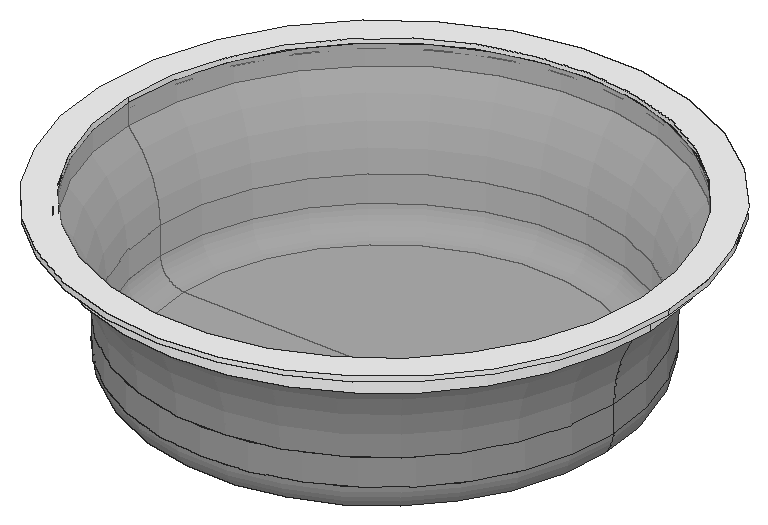
Revit family "3033948 Lighting Fixture_Sylvania_Insaver HO Topper LED II_Ceiling Recessed", category Lighting Fixtures, host Face, Revit 2017
Family settings
  Host = Face
  Round Connector Dimension = Use Diameter
  Part Type = Normal
  OmniClass Number = 23.80.70.11.17
  OmniClass Title = Specialized Lighting by Location or Use
  Cut with Voids When Loaded = No
  Light Source = Yes
  Shared = No
  Room Calculation Point = No
Parameters (values of type "Insaver HO Topper LED II 225 RO 25W WW")
  Weight = 0.65 kg
  Wattage = 25 W
  built-in parameter 1150110 = 1 (stored number, unit not read)
  Voltage Comments = "UNV (Universal Voltage; 220-240 Volt)"  # constant formula
  Voltage = 230 V  # constant formula
  URL = "http://www.sylvania-lighting.com"
  Ta Rating = "-10°C to +40°C"  # constant formula
  LOR = "100 %"
  Glow Wire Test = 650 °C  # constant formula
  Electrical Protection = "Class II"  # constant formula
  Distribution type = "Direct - Symmetrical"  # constant formula
  Accessory Marerial = Metallic Paint_Sylvania_Insaver HO Topper LED_White_RAL 9003
  built-in parameter 1114217 = 1 (stored number, unit not read)
  Tilt Angle = -90°
  built-in parameter 1150109 = 1 (stored number, unit not read)
  built-in parameter 1150134 = (empty or 0)
  built-in parameter 1150113 = 1 (stored number, unit not read)
  Product Page URL = "http://www.sylvania-lighting.com/product/en-int/products/3033948"
  Product Family = "INSAVER HO TOPPER LED II"  # constant formula
  Photometry Comments = ""
  Photometric Web File = "3033948_InsaverHOTopperLEDII225RO25WWW-194897.ies"
  Life = "50 000 h"  # constant formula
  Inner Radius = Inner Diameter / 2  # 110.0 mm
  IP Rating = "IP44"  # constant formula
  IK Rating = "IK07"  # constant formula
  Emit from Circle Diameter = Diffuser Diameter  # 216.0 mm
  Drive Current = "450 mA"
  Accessory Diameter = Diameter + 15.0 mm  # 240.0 mm
  Inner Diameter = Diameter - 5.0 mm  # 220.0 mm
  Diffuser Diameter = Diameter - 9.0 mm  # 216.0 mm
  Diameter = 225.0 mm
  Cutout Diameter = Diameter  # 225.0 mm
  CRI ( Ra ) = 80  # constant formula
  Body Material = Metallic Paint_Sylvania_Insaver HO Topper LED_White_RAL 9003
  Beam Angle = 74°  # constant formula
  Difuser Material = Polycarbonate_Sylvania_Insaver HO Topper LED_3000K
  Height = 65.0 mm
  built-in parameter 1114216 [instance] = 1 (stored number, unit not read)
  Model = "Insaver HO Topper LED II 225 RO 25W WW"
  Manufacturer = "Feilo Sylvania"  # constant formula
  built-in parameter 1150105 = 164.8 (stored number, unit not read)
  Lumens = 2071 lm
  built-in parameter 1150115 = 1 (stored number, unit not read)
  built-in parameter 1150137 = (empty or 0)
  built-in parameter 1150139 = (empty or 0)
  built-in parameter 1150112 = 1 (stored number, unit not read)
  built-in parameter 1150114 = 1 (stored number, unit not read)
  Lamp Comments = "Integrated LED"  # constant formula
  Lamp = "25W"
  built-in parameter 1150132 = 2
  built-in parameter 1150102 = (empty or 0)
  built-in parameter 1150107 = 3000 (stored number, unit not read)
  built-in parameter 1150138 = (empty or 0)
  built-in parameter 1150106 = 1.648 (stored number, unit not read)
  Reflector Material = Metal_Sylvania_Insaver HO Topper LED
  Emit Shape Visible in Rendering = yes
  built-in parameter 1150104 = 7.6961 (stored number, unit not read)
  Dimming Lamp Color Temperature Shift = <None>
  Description = "Insaver HO Topper LED II is available in 4 different round cut out sizes: 150mm, 175mm, 205mm & 220mm Insaver HO Topper LED II 150 12W delivers a 1,134 lumen output (4,000K) - perfect for 1x26W CFL replacement Insaver HO Topper LED II 175 15W delivers a 1,480 lumen output (4,000K) - perfect for 1x32W/2x18W CFL replacement Insaver HO Topper LED II 205 21W delivers a 1,989 lumen output (4,000K) - perfect for 1x42W CFL replacement Insaver HO Topper LED II 225 25W delivers a 2,289 lumen output (4,000K)- perfect for 2x26W CFL replacement High efficacy up to 99lm/W (Insaver HO Topper LED II 175 4,000K) IP44 rating allows for installation in applicable wet zone areas Choice of 3,000K (warm white) or 4,000K (neutral white) Shallow recess depth of <65mm Can replace existing large CFL downlights using a 225mm ceiling cut out (Insaver HO Topper LED II 225) Energy efficient electronic gear including analogue 1-10V and DALI dimmable options IK07 polycarbonate diffuser allows for a wider light distribution than a reflector downlight, allowing for increased spacings between luminaires 3 hour emergency pack available (to be ordered in addition to the luminaire) Ideal for applications such as corridors, public WCs and back of house areas Quick and easy to install Loop in-Loop out facility with red push fit terminal block for quick wiring White bezel (RAL 9003) Energy Class: A++, A+, A Long lifetime: 50,000 hours life at L70 (L80: 30,000 hours, L90: 15,000 hours)"  # constant formula
  Default Elevation = 0.0 mm
  Color Filter = 16777215
  Catalog Number = "3033948 Insaver HO Topper LED II 225 RO 25W WW"
  built-in parameter 1140040 [instance] = 1
  built-in parameter 1114218 = 1 (stored number, unit not read)
  built-in parameter 1150133 = 10 (stored number, unit not read)
  Assembly Code = "D5020200"
  Apparent Load Comments = ""
  Apparent Load = 25 VA
Reference planes
  plane 1 "Center (Front/Back)": y = 0
  plane 2: z = 0
  plane 3 "Center (Left/Right)": x = 0
  plane 4 "Fixture Bottom": z = 2
  plane 5 "Fixture Top": z = -65
  plane 6 "Brace Top": z = -8.5
  plane 7 "Fixture Left": x = -120
  plane 8 "Fixture Right": x = 120
  plane 9 "Cutout Right": x = 112.5
  plane 10 "Cutout Left": x = -112.5
  plane 11: z = -2
Forms (mm)
  Extrusion 1, void
    sketch origin (0, 0, 59) x (-1, 0, 0) y (0, -1, 0)
      loop
        circle (0, 0) r 112.5
    from -124 to -57
  Extrusion 2, solid, material "Metallic Paint_Sylvania_Insaver HO Topper LED_White_RAL 9003" <- "Accessory Marerial", detail levels fine
    sketch origin (0, 0, 59) x (-1, 0, 0) y (0, -1, 0)
      loop
        circle (0, 0) r 120
      loop
        circle (0, 0) r 108
    from -59 to -57
  Extrusion 3, solid, material "Metallic Paint_Sylvania_Insaver HO Topper LED_White_RAL 9003" <- "Accessory Marerial", detail levels fine
    sketch origin (0, 0, 0) x (1, 0, 0) y (0, 1, 0)
      loop
        circle (0, 0) r 112.5
      loop
        circle (0, 0) r 110
    from -8.5 to 0
  Extrusion 4, solid, material "Polycarbonate_Sylvania_Insaver HO Topper LED_3000K" <- "Difuser Material", detail levels fine
    sketch origin (0, 0, 59) x (-1, 0, 0) y (0, -1, 0)
      loop
        circle (0, 0) r 108
    from -61 to -59
  Revolve 5, solid, material "Metal_Sylvania_Insaver HO Topper LED" <- "Reflector Material", detail levels fine
    sketch origin (0, 0, 0) x (1, 0, 0) y (0, 0, 1)
      loop
        line (-108, 0) -> (-110, 0) -> (-110, -8.5)
        arc (-110, -8.5) -> (-100.095, -23.868) -> (-96.627, -41.82) r 48.196
        line (-96.627, -41.82) -> (-96.627, -53)
        arc (-96.627, -53) -> (-93.113, -61.485) -> (-84.627, -65) r 12
        line (-84.627, -65) -> (0, -65) -> (0, -63) -> (-84.627, -63)
        arc (-84.627, -63) -> (-91.698, -60.071) -> (-94.627, -53) r 10
        line (-94.627, -53) -> (-94.627, -41.82)
        arc (-94.627, -41.82) -> (-98.095, -23.868) -> (-108, -8.5) r 48.196
        line (-108, -8.5) -> (-108, 0)
      axis (0, -65) -> (0, 0)
    angle from 0 to 360
  Revolve 6, solid, material "Metallic Paint_Sylvania_Insaver HO Topper LED_White_RAL 9003" <- "Body Material", detail levels coarse+medium
    sketch origin (0, 0, 0) x (1, 0, 0) y (0, 0, 1)
      loop
        line (-96.627, -41.82) -> (-96.627, -53)
        arc (-96.627, -53) -> (-93.113, -61.485) -> (-84.627, -65) r 12
        line (-84.627, -65) -> (0, -65) -> (0, 2) -> (-120, 2) -> (-120, 0) -> (-112.5, 0) -> (-112.5, -8.5) -> (-110, -8.5)
        arc (-110, -8.5) -> (-100.095, -23.868) -> (-96.627, -41.82) r 48.196
      axis (0, -65) -> (0, 2)
    angle from 0 to 360
Cuts and joins
  joined: Extrusion 2, Extrusion 3
Dimensions and locks
  plane 4 "Fixture Bottom" to plane 2 to plane 6 "Brace Top" = 2.0 mm locked, 8.5 mm locked
  "Height": plane 2 to plane 5 "Fixture Top"
  equal spacing: plane 8 "Fixture Right", plane 3 "Center (Left/Right)", plane 7 "Fixture Left"
  "Accessory Diameter": plane 8 "Fixture Right" to plane 7 "Fixture Left"
  equal spacing: plane 9 "Cutout Right", plane 3 "Center (Left/Right)", plane 10 "Cutout Left"
  "Diameter": plane 9 "Cutout Right" to plane 10 "Cutout Left"
  locked: Revolve 6 sketch curve to Revolve 6 sketch curve at 23.373
  locked: Revolve 6 sketch curve to plane 5 "Fixture Top" at 12
  locked: Revolve 5 sketch curve to plane 7 "Fixture Left" at 23.373
  "Cutout Diameter": diameter of Extrusion 1 sketch curve
  "Accessory Diameter": diameter of Extrusion 2 sketch curve
  "Diffuser Diameter": diameter of Extrusion 2 sketch curve
  "Diameter": diameter of Extrusion 3 sketch curve
  "Inner Diameter": diameter of Extrusion 3 sketch curve
  "Diffuser Diameter": diameter of Extrusion 4 sketch curve
  aligned and locked: plane 2 to host face
  aligned and locked: level to host face
  aligned and locked: plane 1 "Center (Front/Back)" to imposter light
  aligned and locked: Extrusion 2 to plane 2
  aligned and locked: plane 4 "Fixture Bottom" to Extrusion 2
  aligned and locked: plane 2 to Extrusion 3
  aligned and locked: plane 4 "Fixture Bottom" to Extrusion 1
  aligned and locked: Extrusion 1 to plane 5 "Fixture Top"
  aligned and locked: plane 3 "Center (Left/Right)" to imposter light
  aligned and locked: imposter light to plane 4 "Fixture Bottom"
  aligned and locked: Extrusion 3 to plane 6 "Brace Top"
  aligned and locked: level to Extrusion 4
  aligned and locked: plane 11 to Extrusion 4
  aligned and locked: imposter light to Revolve 5 sketch curve  (x2)
  aligned and locked: Revolve 5 sketch curve to plane 2
  aligned and locked: plane 6 "Brace Top" to Revolve 5 sketch curve
  aligned and locked: Revolve 6 sketch curve to imposter light
  aligned and locked: plane 2 to Revolve 6 sketch curve
  aligned and locked: plane 6 "Brace Top" to Revolve 6 sketch curve
  aligned and locked: plane 7 "Fixture Left" to Revolve 6 sketch curve
  aligned and locked: plane 10 "Cutout Left" to Revolve 6 sketch curve
  aligned and locked: Revolve 6 sketch curve to plane 5 "Fixture Top"
  aligned and locked: Revolve 5 sketch curve to plane 5 "Fixture Top"
Automatic sketch dimensions
  host sketch curve to host sketch curve = 1596.918 mm
  host sketch curve to host sketch curve = 1559.52 mm
  Revolve 6 sketch curve to plane 3 "Center (Left/Right)" = 0.0 mm  (x2)
  Revolve 6 sketch curve to Revolve 6 sketch curve = 2.5 mm
  plane 5 "Fixture Top" to Revolve 6 sketch curve = 23.18 mm
  Revolve 6 sketch curve to plane 5 "Fixture Top" = 19.048 mm
  plane 4 "Fixture Bottom" to Revolve 6 sketch curve = 5.837 mm
  Revolve 5 sketch curve to Revolve 5 sketch curve = 0.0 mm  (x2)
  Revolve 5 sketch curve to plane 6 "Brace Top" = 0.0 mm
  plane 10 "Cutout Left" to Revolve 5 sketch curve = 2.5 mm
  plane 5 "Fixture Top" to Revolve 5 sketch curve = 2.0 mm
  Revolve 5 sketch curve to Revolve 5 sketch curve = 2.0 mm  (x2)
  Revolve 5 sketch curve to Revolve 5 sketch curve = 10.0 mm
  plane 5 "Fixture Top" to Revolve 5 sketch curve = 23.18 mm
  Revolve 5 sketch curve to plane 5 "Fixture Top" = 19.048 mm
  plane 4 "Fixture Bottom" to Revolve 5 sketch curve = 5.837 mm
  plane 1 "Center (Front/Back)" to Extrusion 1 sketch curve = 0.0 mm
  Extrusion 1 sketch curve to plane 3 "Center (Left/Right)" = 0.0 mm
  Extrusion 2 sketch curve to Extrusion 2 sketch curve = 0.0 mm  (x2)
  plane 1 "Center (Front/Back)" to Extrusion 2 sketch curve = 0.0 mm
  Extrusion 2 sketch curve to plane 3 "Center (Left/Right)" = 0.0 mm
  Extrusion 3 sketch curve to Extrusion 3 sketch curve = 0.0 mm  (x2)
  plane 1 "Center (Front/Back)" to Extrusion 3 sketch curve = 0.0 mm
  Extrusion 3 sketch curve to plane 3 "Center (Left/Right)" = 0.0 mm
  plane 1 "Center (Front/Back)" to Extrusion 4 sketch curve = 0.0 mm
  Extrusion 4 sketch curve to plane 3 "Center (Left/Right)" = 0.0 mm
Connectors
  electrical at (0, 0, -65), driven by "Voltage", driven by "Apparent Load"
    settings: index 1, voltage 230 V, apparent load 0 VA, apparent load phase1 25 VA, apparent load phase2 0 VA, apparent load phase3 0 VA, power factor 1, load classification "Lighting", number of poles 1, system type 31, power factor state 1, is connector primary yes, connector utility no, sub classification motor no, connector description ""
